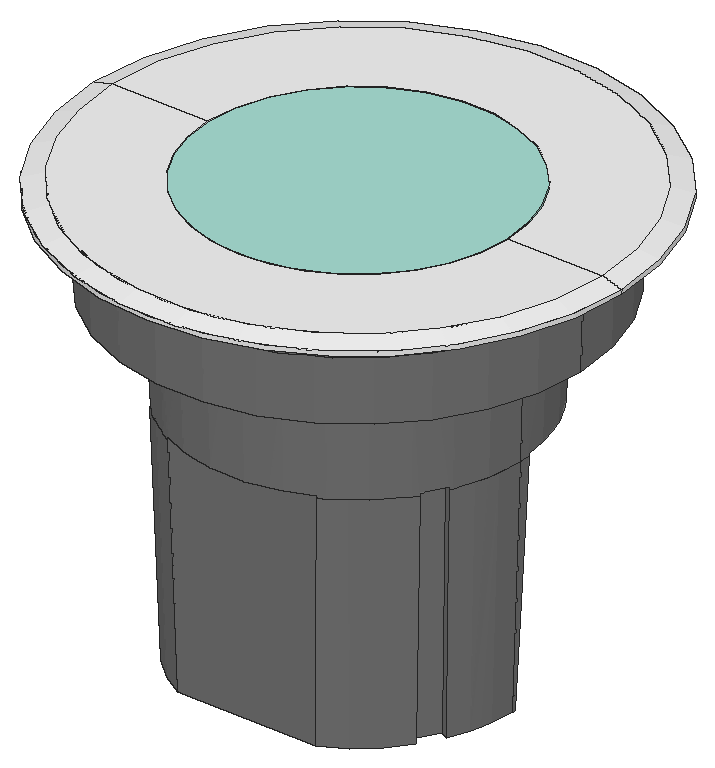
Revit family "Corso 2.0", category Lighting Fixtures, host Face, Revit 2020
Family settings
  Host = Face
  Round Connector Dimension = Use Diameter
  Part Type = Normal
  Cut with Voids When Loaded = Yes
  Light Source = Yes
  Shared = No
  Room Calculation Point = Yes
Parameters (values of type "Corso 2.0 diffuse (3000K 8W 110-230Vac)")
  Wiring = "-"
  Width mm = 112 mm
  Weight kg = "0.70 kg"
  Wattage = 4.42299 W
  built-in parameter 1150110 = 1 (stored number, unit not read)
  Voltage = 230 V
  URL Accessories and power supply units = "https://www.lucelight.it/en/prodotto.php/121563#a-scheda-accessori"
  URL = "https://www.lucelight.it/en/prodotto.php/121563"
  built-in parameter 1114217 = 1 (stored number, unit not read)
  Tiltable = "-"
  URL Technical sheet = ""
  URL Image = "https://www.lucelight.it/en/prodotto-foto.php/121563"
  URL IES Photometric file = "https://www.lucelight.it/media/prodotti/fotometrie/corso_2.0_ies.zip"
  URL General code = "https://www.lucelight.it/en/prodotto.php/121563#a-generacodice"
  URL Description = "https://www.lucelight.it/en/capitolato.php/121563"
  URL DXF = "https://www.lucelight.it/media/prodotti/dxf/corso_2.0.dxf"
  URL Catalogue = "https://www.lucelight.it/media/prodotti/mf_brochure/corso_brochure_en.pdf\r\n-"
  Trim = L&L_Steel inox AISI 316L
  Tilt Angle = 90.00°
  built-in parameter 1150109 = 1 (stored number, unit not read)
  built-in parameter 1150134 = (empty or 0)
  built-in parameter 1150113 = 1 (stored number, unit not read)
  Radius Void = 50 mm
  Power supply unit = "built-in power supply unit"
  Power supply = "110-230Vac"
  Power cables = "-"
  Power Supply = L&L_Steel inox AISI 316L
  Power = "8W"
  Photometric Web File = "CORSO 2.0 D [3000K 8W 110-230Vac].IES"
  Optics = "diffuse"
  Notes = "-"
  No. and type of led = "1 power LED High Intensity, 3-step MacAdam, 50 000h L90 B10 (Ta 25°C)"
  Mounting = "recessed (floor)"
  Model = "Corso 2.0"
  Material = "body in thermally conductive plastic, trim in AISI 316L stainless steel, screen in tempered, serigraphed-grey and transparent extra-clear glass"
  Manufacturer = "L&L Luce&Light"
  built-in parameter 1150105 = 52.282 (stored number, unit not read)
  Lumens = 657 lm
  built-in parameter 1150115 = 1 (stored number, unit not read)
  Lumen output at source = "657 lm (3000K)"
  built-in parameter 1150137 = (empty or 0)
  built-in parameter 1150139 = (empty or 0)
  Lens = L&L_Tempered extra-clear glass
  Length mm = 112 mm
  built-in parameter 1150112 = 1 (stored number, unit not read)
  built-in parameter 1150114 = 1 (stored number, unit not read)
  LED Colour = "2700K, 3000K, 4000K"
  built-in parameter 1150132 = 2
  built-in parameter 1150102 = (empty or 0)
  built-in parameter 1150107 = 3000 (stored number, unit not read)
  built-in parameter 1150138 = (empty or 0)
  built-in parameter 1150106 = 0.52282 (stored number, unit not read)
  IP = "IP65, IP67"
  Height mm = 92 mm
  Height Void = 100 mm
  Geometry = Corso 2.0_mod : Corso 2.0_mod
  Features = "Speedy installation: electrical wiring simplified by the ability to connect the electrical cables directly to the fixture"
  Energy efficiency class = "A A+ A++"
  Emit from Line Length = 609.6 mm
  built-in parameter 1150104 = 13.8 (stored number, unit not read)
  Dimming Lamp Color Temperature Shift = <None>
  Description = "recessed for outdoor applications"
  Delivered lumen output = "504 lm (3000K, 36°)"
  Default Elevation = 1219.2 mm
  Cutout dimensions = ""
  Control system = "ON/OFF"
  Contact = "T: +39 0444 360571; E: lucelight@lucelight.it"
  Company = "L&L Luce&Light"
  Color Filter = 16777215
  Code = "-"
  CRI = "80"
  Body = L&L_Technopolymer
  built-in parameter 1114218 = 1 (stored number, unit not read)
  built-in parameter 1150133 = 10 (stored number, unit not read)
  Apparent Load Phase 1 = 8 W
  Apparent Load = 0 VA
Types (5, lengths in mm): name | URL Catalogue | Photometric Web File | Optics | Notes
  Corso 2.0 S 12° (3000K 8W 110-230Vac) | "https://www.lucelight.it/media/prodotti/mf_brochure/corso_brochure_en.pdf\r\n-" | "CORSO 2.0 S 12° [3000K 8W 110-230Vac].IES" | "12°" | "-"
  Corso 2.0 L 70° (3000K 8W 110-230Vac) | "https://www.lucelight.it/media/prodotti/mf_brochure/corso_brochure_en.pdf\r\n-" | "CORSO 2.0 L 70° [3000K 8W 110-230Vac].IES" | "70°" | "-"
  Corso 2.0 M 36° (3000K 8W 110-230Vac) | "https://www.lucelight.it/media/prodotti/mf_brochure/corso_brochure_en.pdf\r\nhttps://www.lucelight.it/media/prodotti/mf_brochure/corso_brochure_en.pdf" | "CORSO 2.0 M 36° [3000K 8W 110-230Vac].IES" | "36°" | "\u001f-"
  Corso 2.0 W 14°x43° (3000K 8W 110-230Vac) | "https://www.lucelight.it/media/prodotti/mf_brochure/corso_brochure_en.pdf\r\n-" | "CORSO 2.0 W 14°x43° [3000K 8W 110-230Vac].IES" | "14°x43°" | "-"
  Corso 2.0 diffuse (3000K 8W 110-230Vac) | "https://www.lucelight.it/media/prodotti/mf_brochure/corso_brochure_en.pdf\r\n-" | "CORSO 2.0 D [3000K 8W 110-230Vac].IES" | "diffuse" | "-"
Reference planes
  plane 1 "Center (Front/Back)": y = 0
  plane 2: z = 0
  plane 3 "Center (Left/Right)": x = 0
  plane 4: z = -100
Forms (mm)
  Extrusion 1, void
    sketch origin (0, 0, 0) x (1, 0, 0) y (0, 1, 0)
      loop
        circle (0, 0) r 50
    from -100 to 0
Dimensions and locks
  "Height Void": plane 4 to plane 2
  "Radius Void": radius of Extrusion 1 sketch curve
  aligned and locked: plane 2 to host face
  aligned and locked: level to host face
  aligned and locked: Extrusion 1 to plane 4
  aligned and locked: plane 2 to Extrusion 1
Automatic sketch dimensions
  host sketch curve to host sketch curve = 2438.4 mm  (x2)
  plane 1 "Center (Front/Back)" to Extrusion 1 sketch curve = 0 mm
  Extrusion 1 sketch curve to plane 3 "Center (Left/Right)" = 0 mm
Nested families
  nested 1: "Corso 2.0_mod" at (0, 0, 0), type <- "Geometry", type "Corso 2.0_mod"
Connectors
  electrical at (0, 0, 0), driven by "Apparent Load Phase 1", driven by "Voltage"
    settings: index 1, voltage 230 V, apparent load 0 VA, apparent load phase1 8 VA, apparent load phase2 0 VA, apparent load phase3 0 VA, power factor 1, load classification "Lighting", number of poles 1, system type 31, power factor state 1, is connector primary yes, connector utility no, sub classification motor no, connector description ""
Definition of nested family "Corso 2.0_mod"
  Parameters (values of type "Corso 2.0_mod")
    Trim = none
    Power supply = none
    Lens = none
    Default Elevation = 1219.2 mm
    Body = none
  Reference planes
    plane 1 "Light Source Axis (F/B)": y = 0
    plane 2: z = 0
    plane 3 "Light Source Axis (L/R)": x = 0
    plane 4 "Light Source Elevation": z = 2
    plane 5: z = -92
    plane 6: z = -17.8
  Forms (mm)
    Extrusion 1, solid, material <- "Body", detail levels coarse
      sketch origin (0, 0, 0) x (1, 0, 0) y (0, 1, 0)
        loop
          circle (0, 0) r 56
      from -92 to 2
    Extrusion 2, solid, material <- "Trim", detail levels medium
      sketch origin (0, 0, 0) x (1, 0, 0) y (0, 1, 0)
        loop
          circle (0, 0) r 56
        loop
          circle (0, 0) r 31.675
      from -17.8 to 2
    Extrusion 3, solid, material <- "Body", detail levels medium
      sketch origin (0, 0, 0) x (1, 0, 0) y (0, 1, 0)
        loop
          circle (0, 0) r 35.2
      from -92 to -17.8
    Extrusion 4, solid, material <- "Lens", detail levels medium+fine
      sketch origin (0, 0, 0) x (1, 0, 0) y (0, 1, 0)
        loop
          circle (0, 0) r 31.7
      from 0 to 2
    Revolve 5, solid, material <- "Trim", detail levels fine
      sketch origin (0, 0, 0) x (1, 0, 0) y (0, 0, 1)
        loop
          line (31.7, 2) -> (31.7, 0) -> (55.9, 0) -> (55.9, 0.9) -> (51.779, 2) -> (31.7, 2)
        axis (0, 2) -> (0, 0)
      angle from 0 to 360
    Revolve 6, solid, material <- "Body", detail levels fine
      sketch origin (0, 0, 0) x (1, 0, 0) y (0, 0, 1)
        loop
          line (47.5, -5) -> (47.5, 0) -> (0, 0) -> (0, -17.8) -> (47.149, -17.8) -> (47.5, -5)
        axis (0, -17.8) -> (0, 0)
      angle from 0 to 360
    Revolve 7, solid, material <- "Body", detail levels fine
      sketch origin (0, 0, 0) x (1, 0, 0) y (0, 0, 1)
        loop
          line (34.44, -39.283) -> (35.19, -17.8) -> (0, -17.8) -> (0, -87.3) -> (32.763, -87.3) -> (34.44, -39.283)
        axis (0, -87.3) -> (0, -17.8)
      angle from 0 to 360
    Extrusion 8, void
      sketch origin (139.173, -142.111, 0) x (0, -1, 0) y (0, 0, 1)
        loop
          line (-144.306, -38.8) -> (-180.137, -38.8) -> (-180.137, -92) -> (-142.448, -92) -> (-144.306, -38.8)
      from 0 to 250
    Extrusion 9, void
      sketch origin (0, 0, 0) x (0, 1, 0) y (0, 0, 1)
        loop
          line (-29.226, -92) -> (-30.619, -38.8) -> (-41.067, -38.8) -> (-41.067, -92) -> (-29.226, -92)
      from -164.901 to 149.991
    Extrusion 10, void
      sketch origin (96.889, -224.129, 15.437) x (-0.870231, 0.492644, 0) y (0, 0, 1)
        loop
          line (164.083, -107.437) -> (162.69, -54.237) -> (118.392, -54.237) -> (118.392, -107.437) -> (164.083, -107.437)
      from 144.602 to 149.991
    Extrusion 11, void
      sketch origin (-96.889, -224.129, 15.437) x (0.870231, 0.492644, 0) y (0, 0, -1)
        loop
          line (164.083, 107.437) -> (118.392, 107.437) -> (118.392, 54.237) -> (162.69, 54.237) -> (164.083, 107.437)
      from 144.602 to 149.991
    Revolve 12, solid, material <- "Power supply", detail levels fine
      sketch origin (-789.416, 17.227, 0) x (1, 0, 0) y (0, 0, 1)
        loop
          line (805.889, -52.34) -> (806.042, -48.542) -> (806.423, -47.326) -> (806.646, -38.8) -> (789.416, -38.8) -> (789.416, -92.2) -> (796.791, -92.2)
          arc (796.791, -92.2) -> (798.58, -91.163) -> (799.23, -89.2) r 2.913
          line (799.23, -89.2) -> (799.23, -87.95) -> (800.066, -87.95) -> (800.066, -76.7) -> (798.445, -76.7) -> (798.516, -72.5) -> (800.066, -72.5) -> (800.066, -61.25) -> (800.916, -61.25) -> (800.916, -57.3) -> (802.666, -57.3) -> (802.666, -53.3) -> (804.89, -53.3)
          arc (804.89, -53.3) -> (805.555, -53.047) -> (805.883, -52.415) r 1
        axis (789.416, -92.2) -> (789.416, -38.8)
      angle from 0 to 360
  Cuts and joins
    Extrusion 8, Extrusion 9, Extrusion 10, Extrusion 11 cuts Revolve 7
  Dimensions and locks
    plane 5 to plane 4 "Light Source Elevation" = 94 mm
    plane 6 to plane 4 "Light Source Elevation" = 19.8 mm
    aligned and locked: level to plane 2
    aligned and locked: Extrusion 1 to plane 5
    aligned and locked: Extrusion 1 to plane 4 "Light Source Elevation"
    aligned and locked: Extrusion 2 to plane 6
    aligned and locked: Extrusion 2 to plane 4 "Light Source Elevation"
    aligned and locked: Extrusion 3 to plane 5
    aligned and locked: plane 6 to Extrusion 3
    aligned and locked: Extrusion 4 to level
    aligned and locked: Extrusion 4 to plane 4 "Light Source Elevation"
